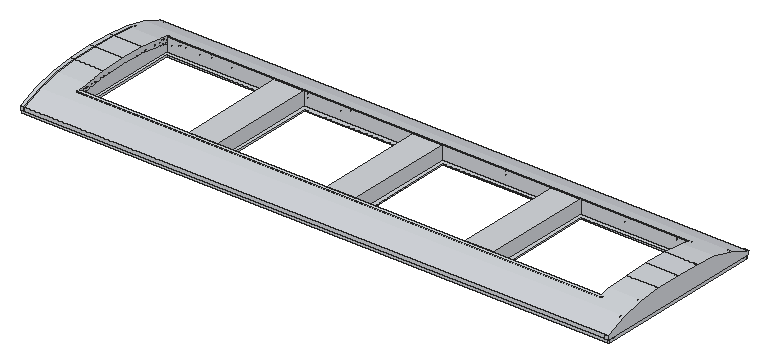
Revit family "Gira_0214326", category Electrical Fixtures, host Face, Revit 2017
Family settings
  Host = Face
  Maintain Annotation Orientation = No
  Round Connector Dimension = Use Diameter
  Part Type = Normal
  Cut with Voids When Loaded = No
  Shared = No
  Room Calculation Point = No
Parameters (values of type "Cov.fr. 4-g interm.fr. PW Gira Event c.alum.")
  With mounting grid = "No"
  With hinged lid = "No"
  URL = "http://katalog.gira.de/en/datenblatt.html?artikelnr=0214326"
  Type of fastening = "Clamp mounting"
  Transparent = "No"
  Surface protection = "Other"
  Suitable for wall duct = "No"
  Suitable for flush-mounted installation = "Yes"
  Suitable for floor box = "No"
  Suitable for built-in installation = "No"
  Number of units vertical = "4"
  Number of units horizontal = "4"
  Number of units = "4"
  Name = "Cov.fr. 4-g interm.fr. PW Gira Event c.alum."
  Mounting direction = "Horizontal and vertical"
  Material quality = "Thermoplastic"
  Material = "Plastic"
  Manufacturer URL = "https://www.gira.de/"
  Manufacturer = "Gira"
  Label space/information surface = "No"
  Keynote = ""
  HeinzeBIM = "https://bimportal.heinze.de/bim/cov-fr-4-g-interm-fr-pw-gira-event-c-alum-/8d687796a5527f9dbcc757b7760fb5477475ffd4"
  Halogen free = "Yes"
  HAN = "0214326"
  GTIN = "4010337074359"
  Description = "Cov.fr.4g i.fr.PW Event CAl,Gira Event frames,colour aluminium with pure white glossy intermediate frame,4-gang,Features:,- Shatter-proof."
  Degree of protection (IP) = "IP20"
  Default Elevation = 1219.2 mm
  Data sheet (1) = "https://katalog.gira.de/en/download.html?artikelnr=0214326"
  Colour = "Aluminium"
  Category = "Cover frame for domestic switching devices"
  BIM (1) = "https://media.stage.bim.site/public/gira/36a6b08/Event_Rahmen_4fach.rfa"
  Available = "No"
Reference planes
  plane 1 "Center (Front/Back)": y = 0
  plane 2: z = 0
  plane 3 "Center (Left/Right)": x = 0
Forms (mm)
  Extrusion 1, solid, detail levels fine
    sketch origin (0, 0, 0.05) x (0, 1, 0) y (0, 0, 1)
      loop
        arc (12.445, 9.683) -> (6.223, 9.833) -> (0, 9.85) r 291.636
        arc (0, 9.85) -> (-6.223, 9.833) -> (-12.445, 9.683) r 291.636
        arc (-12.445, 9.683) -> (-29.14, 7.482) -> (-45, 1.823) r 79.728
        line (-45, 1.823) -> (-45, -0.05) -> (-42.086, -0.05)
        arc (-42.086, -0.05) -> (-21.385, 5.559) -> (0, 7.206) r 114.424
        arc (0, 7.206) -> (21.385, 5.559) -> (42.086, -0.05) r 114.424
        line (42.086, -0.05) -> (45, -0.05) -> (45, 1.823)
        arc (45, 1.823) -> (29.14, 7.482) -> (12.445, 9.683) r 79.728
    from -151.95 to 151.935
  Extrusion 2, void, detail levels fine
    sketch origin (0, 0, 0) x (1, 0, 0) y (0, 1, 0)
      loop
        line (134.95, 28.035) -> (-134.95, 28.035) -> (-134.95, -28.035) -> (134.95, -28.035) -> (134.95, 28.035)
    from 0.724 to 11
  Extrusion 3, solid, detail levels coarse
    sketch origin (0, 0, 0) x (1, 0, 0) y (0, 1, 0)
      loop
        line (-151.95, 45) -> (-151.95, -45) -> (151.935, -45) -> (151.935, 45) -> (-151.95, 45)
    from -1.5 to 9.9
  Extrusion 4, solid, detail levels medium
    sketch origin (0, 0, 0.05) x (0, 1, 0) y (0, 0, 1)
      loop
        arc (12.445, 9.683) -> (6.223, 9.833) -> (0, 9.85) r 291.636
        arc (0, 9.85) -> (-6.223, 9.833) -> (-12.445, 9.683) r 291.636
        arc (-12.445, 9.683) -> (-29.14, 7.482) -> (-45, 1.823) r 79.728
        line (-45, 1.823) -> (-45, -0.05) -> (45, -0.05) -> (45, 1.823)
        arc (45, 1.823) -> (29.14, 7.482) -> (12.445, 9.683) r 79.728
    from -151.95 to 151.935
  Extrusion 5, solid, detail levels fine
    sketch origin (-106.95, 0, -1.5) x (0, 1, 0) y (0, 0, -1)
      loop
        line (45, -3.373) -> (45, -1.5) -> (-45, -1.5) -> (-45, -3.373)
        arc (-45, -3.373) -> (-29.14, -9.032) -> (-12.445, -11.233) r 79.728
        arc (-12.445, -11.233) -> (-6.223, -11.383) -> (0, -11.4) r 291.636
        arc (0, -11.4) -> (6.223, -11.383) -> (12.445, -11.233) r 291.636
        arc (12.445, -11.233) -> (29.14, -9.032) -> (45, -3.373) r 79.728
    from 43 to 45
  Extrusion 6, solid, detail levels fine
    sketch origin (0, 0, 0) x (1, 0, 0) y (0, 1, 0)
      loop
        line (-132.85, 25.7) -> (-132.85, -25.7) -> (-81.05, -25.7) -> (-81.05, 25.7) -> (-132.85, 25.7)
      loop
        line (-9.755, -25.7) -> (-9.755, 25.7) -> (-61.555, 25.7) -> (-61.555, -25.7) -> (-9.755, -25.7)
      loop
        line (-135.845, 28.49) -> (-135.845, -28.495)
        spline (-135.845, -28.495) -> (-135.836, -28.625) -> (-135.811, -28.754) -> (-135.769, -28.878) -> (-135.711, -28.995) -> (-135.638, -29.104) -> (-135.552, -29.202) -> (-135.454, -29.288) -> (-135.345, -29.361) -> (-135.228, -29.419) -> (-135.104, -29.461) -> (-134.975, -29.486) -> (-134.845, -29.495)
        line (-134.845, -29.495) -> (134.845, -29.495)
        spline (134.845, -29.495) -> (134.975, -29.486) -> (135.104, -29.461) -> (135.228, -29.419) -> (135.345, -29.361) -> (135.454, -29.288) -> (135.552, -29.202) -> (135.638, -29.104) -> (135.711, -28.995) -> (135.769, -28.878) -> (135.811, -28.754) -> (135.836, -28.625) -> (135.845, -28.495)
        line (135.845, -28.495) -> (135.845, 28.49)
        spline (135.845, 28.49) -> (135.836, 28.62) -> (135.811, 28.748) -> (135.769, 28.872) -> (135.711, 28.99) -> (135.638, 29.098) -> (135.552, 29.197) -> (135.454, 29.283) -> (135.345, 29.356) -> (135.228, 29.413) -> (135.104, 29.456) -> (134.975, 29.481) -> (134.845, 29.49)
        line (134.845, 29.49) -> (-134.845, 29.49)
        spline (-134.845, 29.49) -> (-134.975, 29.481) -> (-135.104, 29.456) -> (-135.228, 29.413) -> (-135.345, 29.356) -> (-135.454, 29.283) -> (-135.552, 29.197) -> (-135.638, 29.098) -> (-135.711, 28.99) -> (-135.769, 28.872) -> (-135.811, 28.748) -> (-135.836, 28.62) -> (-135.845, 28.49)
      loop
        line (61.545, -25.7) -> (61.545, 25.7) -> (9.745, 25.7) -> (9.745, -25.7) -> (61.545, -25.7)
      loop
        line (132.85, -25.7) -> (132.85, 25.7) -> (81.05, 25.7) -> (81.05, -25.7) -> (132.85, -25.7)
    from 0.1 to 7.3
  Extrusion 7, solid
    sketch origin (0, 0, 0) x (1, 0, 0) y (0, 1, 0)
      loop
        arc (-151.65, -44.218) -> (-151.504, -44.572) -> (-151.15, -44.718) r 0.5
        line (-151.15, -44.718) -> (151.15, -44.718)
        arc (151.15, -44.718) -> (151.504, -44.572) -> (151.65, -44.218) r 0.5
        line (151.65, -44.218) -> (151.65, 44.182)
        arc (151.65, 44.182) -> (151.504, 44.535) -> (151.15, 44.682) r 0.5
        line (151.15, 44.682) -> (-151.15, 44.682)
        arc (-151.15, 44.682) -> (-151.504, 44.535) -> (-151.65, 44.182) r 0.5
        line (-151.65, 44.182) -> (-151.65, -44.218)
      loop
        line (-149.95, 42.982) -> (-149.95, -43.018) -> (149.95, -43.018) -> (149.95, 42.982) -> (-149.95, 42.982)
    from -1.5 to 0.5
  Extrusion 8, solid, detail levels fine
    sketch origin (106.935, 0, -1.5) x (0, 1, 0) y (0, 0, 1)
      loop
        arc (45, 3.373) -> (29.14, 9.032) -> (12.445, 11.233) r 79.728
        arc (12.445, 11.233) -> (6.223, 11.383) -> (0, 11.4) r 291.636
        arc (0, 11.4) -> (-6.223, 11.383) -> (-12.445, 11.233) r 291.636
        arc (-12.445, 11.233) -> (-29.14, 9.032) -> (-45, 3.373) r 79.728
        line (-45, 3.373) -> (-45, 1.5) -> (45, 1.5) -> (45, 3.373)
    from 43 to 45
  Extrusion 9, solid, detail levels medium
    sketch origin (0, 0, 0) x (1, 0, 0) y (0, 1, 0)
      loop
        line (-151.65, -44.718) -> (151.65, -44.718) -> (151.65, 44.682) -> (-151.65, 44.682) -> (-151.65, -44.718)
    from -1.5 to 0.5
  Extrusion 10, solid, detail levels fine
    sketch origin (-69.857, 0, 0) x (1, 0, 0) y (0, 1, 0)
      loop
        line (-8.943, 28.063) -> (-8.943, -27.937) -> (6.057, -27.937) -> (6.057, 28.063) -> (-8.943, 28.063)
    from 0.724 to 7.566
  Extrusion 11, solid, detail levels fine
    sketch origin (-1.443, 0, 0) x (-1, 0, 0) y (0, -1, 0)
      loop
        line (-8.943, -28.063) -> (6.057, -28.063) -> (6.057, 27.937) -> (-8.943, 27.937) -> (-8.943, -28.063)
    from 0.724 to 7.566
  Extrusion 12, solid, detail levels fine
    sketch origin (69.857, 0, 0) x (-1, 0, 0) y (0, -1, 0)
      loop
        line (-8.943, -28.063) -> (6.057, -28.063) -> (6.057, 27.937) -> (-8.943, 27.937) -> (-8.943, -28.063)
    from 0.724 to 7.566
Cuts and joins
  Extrusion 2 cuts Extrusion 1
  Extrusion 2 cuts Extrusion 6
Dimensions and locks
  aligned and locked: plane 2 to host face
  aligned and locked: level to host face
